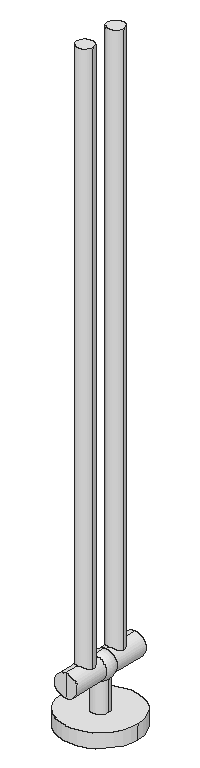
Revit family "Towel_Bar-Grohe-Essentials-40371001", category Specialty Equipment, host Face, Revit 2014
Parameters (values of type "40371001")
  Width = 2 3/8"  # constant formula
  URL = "https://www.grohe.us"
  Type Comments = ""
  Product Page URL = "https://www.grohe.us/en_us/essentials-towel-bar-40371001.html"
  Price = "Prices may vary. Please consult Manufacturer Representative for most up-to-date price list."  # constant formula
  Model = "40371001"
  Material = "Metal-Grohe-001-Chrome"
  Manufacturer = "Grohe"  # constant formula
  Length = 17 5/16"  # constant formula
  Installation Type = "Wall Mounted"  # constant formula
  Height = 2 1/8"  # constant formula
  Finish = Metal-Grohe-001-Chrome
  Description = "Essentials Towel bar"  # constant formula
  Default Elevation = 40"  # constant formula
  Creation Date = "08/29/2017"  # constant formula
  Assembly Code = "C1030200"
Reference planes (in)
  plane 1 "Center (Front/Back)": y = 0
  plane 2: z = 0
  plane 3 "Center (Left/Right)": x = 0
  plane 4: y = 1.14162
  plane 5: y = -0.55114
  plane 6: y = 0.55118
  plane 7: y = -0.55118
  plane 8: y = 0.70083
  plane 9: y = -0.70083
  plane 10: y = 3.45083
  plane 11: y = -8.70119
  plane 12: y = -9.4072
  plane 13: y = -9.0542
  plane 14: z = 17.28346
Forms (in)
  Revolve 1, solid, material "Metal-Grohe-001-Chrome" <- "Finish"
    sketch origin (0, 0, 0) x (1, 0, 0) y (0, 0, 1)
      loop
        line (-0.23622, 0.3937) -> (0, 0.3937) -> (0, 1.5) -> (-0.23622, 1.5) -> (-0.23622, 0.3937)
      axis (0, 1.5) -> (0, 0.3937)
    angle from 0 to 360
  Extrusion 2, solid, material "Metal-Grohe-001-Chrome" <- "Finish"
    sketch origin (0, 0, 0) x (1, 0, 0) y (0, 1, 0)
      loop
        circle (0, 0) r 1.0625
    from 0 to 0.3937
  Revolve 3, solid, material "Metal-Grohe-001-Chrome" <- "Finish"
    sketch origin (0, 9.0542, 0) x (0, 1, 0) y (0, 0, 1)
      loop
        line (-7.85341, 1.8189) -> (-8.86522, 1.8189)
        arc (-8.86522, 1.8189) -> (-9.0542, 1.85827) -> (-9.24317, 1.8189) r 0.47323
        line (-9.24317, 1.8189) -> (-10.25498, 1.8189) -> (-10.25498, 1.50394) -> (-7.85341, 1.50394) -> (-7.85341, 1.8189)
      axis (-10.25498, 1.50394) -> (-7.85341, 1.50394)
    angle from 0 to 360
  Extrusion 4, solid, material "Metal-Grohe-001-Chrome" <- "Finish"
    sketch origin (0, 9.0542, 0) x (1, 0, 0) y (0, 1, 0)
      loop
        circle (0, -8.51385) r 0.22965
      loop
        circle (0, -9.59454) r 0.22965
    from 1.46002 to 17.28346
Cuts and joins
  joined: Revolve 1, Extrusion 2, Revolve 3, Extrusion 4
Lines and regions (in)
  Masking region 1
    outline origin (0, 0, 0) x (1, 0, 0) y (0, 0, 1)
      loop
        arc (-0.22965, 1.77471) -> (-0.35491, 1.50878) -> (-0.23626, 1.23984) r 0.35423
        line (-0.23626, 1.23984) -> (-0.23626, 0.3937) -> (-1.0625, 0.3937) -> (-1.0625, 0) -> (1.0625, 0) -> (1.0625, 0.3937) -> (0.23626, 0.3937) -> (0.23626, 1.23984)
        arc (0.23626, 1.23984) -> (0.3549, 1.50965) -> (0.22833, 1.77582) r 0.35423
        line (0.22833, 1.77582) -> (0.22833, 17.28346) -> (-0.22965, 17.28346) -> (-0.22965, 1.77471)
  symbolic lines, detail levels medium+fine
    curve 1: circle (0, 0, 1.50394) r 0.31496 normal (0, -1, 0)
  symbolic lines, detail levels fine
    curve 2: arc (-0.22965, 0, 1.77582) -> (-0.00066, 0, 1.86335) -> (0.22833, 0, 1.77582) r 0.3433
    curve 3: line (0.23626, 0, 0.3937) -> (-0.23626, 0, 0.3937)
Dimensions and locks (in)
  plane 4 to plane 5 = 1.69276"
  equal spacing: plane 6, plane 1 "Center (Front/Back)", plane 7
  plane 6 to plane 7 = 1.10236"
  plane 14 to level = 17.28346"
  aligned and locked: plane 2 to host face
  aligned and locked: level to host face
Automatic sketch dimensions
  host sketch curve to host sketch curve = 96"  (x2)
  Revolve 1 sketch curve to plane 3 "Center (Left/Right)" = 0"  (x2)
  Revolve 1 sketch curve to plane 3 "Center (Left/Right)" = 0.23622"
  level to Revolve 1 sketch curve = 0.3937"
  Revolve 1 sketch curve to Revolve 1 sketch curve = 1.1063"
  Revolve 1 sketch curve to Revolve 1 sketch curve = 0.21342"
  Revolve 1 sketch curve to Revolve 1 sketch curve = 0"
  plane 1 "Center (Front/Back)" to Extrusion 2 sketch curve = 0"
  Extrusion 2 sketch curve to plane 3 "Center (Left/Right)" = 0"
  level to Revolve 3 sketch curve = 1.8189"
  plane 9 to Revolve 3 sketch curve = 0.49995"
  Revolve 3 sketch curve to Revolve 3 sketch curve = 1.01181"  (x2)
  Revolve 3 sketch curve to Revolve 3 sketch curve = 0.18898"
  Revolve 3 sketch curve to Revolve 3 sketch curve = 0.37795"
  Revolve 3 sketch curve to Revolve 3 sketch curve = 0.31496"
  Revolve 3 sketch curve to Revolve 3 sketch curve = 0.43386"
  Revolve 3 sketch curve to Revolve 3 sketch curve = 0.14207"
  Revolve 3 sketch curve to Revolve 3 sketch curve = 0.75221"
  Revolve 3 sketch curve to Revolve 3 sketch curve = 0"
  Extrusion 4 sketch curve to plane 3 "Center (Left/Right)" = 0"  (x2)
  plane 12 to Extrusion 4 sketch curve = 8.86686"
  plane 11 to Extrusion 4 sketch curve = 9.24154"
  Masking region 1 sketch curve to level = 0"
  Masking region 1 sketch curve to plane 14 = 0"
  Masking region 1 sketch curve to plane 3 "Center (Left/Right)" = 1 1/16"
  Masking region 1 sketch curve to plane 3 "Center (Left/Right)" = 0.23626"
  Masking region 1 sketch curve to plane 3 "Center (Left/Right)" = 0.22965"
  Masking region 1 sketch curve to plane 3 "Center (Left/Right)" = 0.00071"
  plane 3 "Center (Left/Right)" to Masking region 1 sketch curve = 0.00071"
  plane 3 "Center (Left/Right)" to Masking region 1 sketch curve = 0.22833"
  plane 3 "Center (Left/Right)" to Masking region 1 sketch curve = 0.23626"
  Masking region 1 sketch curve to Masking region 1 sketch curve = 0.82624"
  level to Masking region 1 sketch curve = 0.3937"  (x2)
  Masking region 1 sketch curve to Masking region 1 sketch curve = 0.84614"
  Masking region 1 sketch curve to Masking region 1 sketch curve = 0"  (x2)
  Masking region 1 sketch curve to Masking region 1 sketch curve = 0.26456"
  curve 1 to plane 3 "Center (Left/Right)" = 0"
  curve 2 to plane 3 "Center (Left/Right)" = 0.00066"
  level to curve 1 = 1.50394"
  curve 1 to curve 2 = 0.01611"
  curve 2 to plane 3 "Center (Left/Right)" = 0.22965"
  curve 3 to plane 3 "Center (Left/Right)" = 0.23626"
  plane 3 "Center (Left/Right)" to curve 2 = 0.22833"
  plane 3 "Center (Left/Right)" to curve 3 = 0.23626"
  level to curve 3 = 0.3937"
  curve 2 to curve 2 = 0.25577"
  radius of Extrusion 2 sketch curve = 1 1/16"
  radius of Extrusion 4 sketch curve = 0.22965"  (x2)
  radius of curve 1 = 0.31496"
